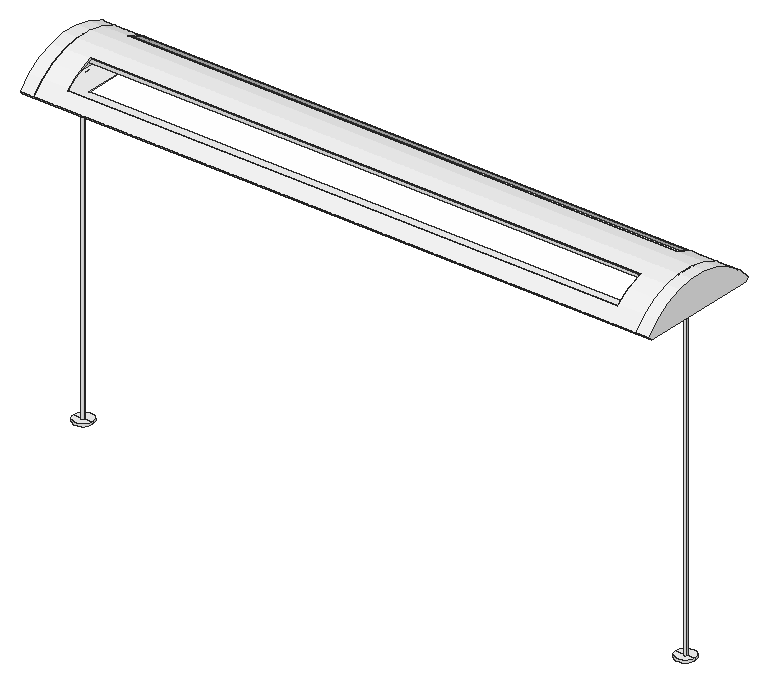
Revit family "LCV-CM", category Lighting Fixtures, host Face, Revit 2013
Parameters (values of type "LCV-35ML-S")
  Watts = 47 W
  Wattage = 47 W
  built-in parameter 1150110 = 1 (stored number, unit not read)
  Voltage = 120 V
  built-in parameter 1114217 = 1 (stored number, unit not read)
  Tilt Angle = -90.00°  # constant formula
  built-in parameter 1150109 = 1 (stored number, unit not read)
  built-in parameter 1150134 = (empty or 0)
  Suspension Height = 24"
  Wattage Comments = "27W to 61W"  # constant formula
  URL = "https://www.hubbell.com/aleralighting/en/"
  built-in parameter 1150113 = 1 (stored number, unit not read)
  Product Page URL = "https://www.hubbell.com/aleralighting/en/Products/Lighting-Controls/Commercial-Indoor-Lighting/Pendant-Lighting/LCV/p/19958"
  Product Documentation Link = "https://hubbellcdn.com/specsheet/lcv.pdf"
  Power Factor = 1
  Photometric Web Link = "https://www.hubbell.com/aleralighting/en/Products/Lighting-Controls/Commercial-Indoor-Lighting/Pendant-Lighting/LCV/p/19958"
  Photometric Web File = "LCV-35ML-S.IES"
  Photometric Notes = "More IES files download on Photometric Web Link"  # constant formula
  Model = "LCV"  # constant formula
  Manufacturer = "Alera Lighting"  # constant formula
  Row Length = 48"
  built-in parameter 1150105 = 415.16 (stored number, unit not read)
  Lumens = 5217 lm
  built-in parameter 1150115 = 1 (stored number, unit not read)
  Load Classification = Lighting
  built-in parameter 1150137 = (empty or 0)
  built-in parameter 1150139 = (empty or 0)
  built-in parameter 1150112 = 1 (stored number, unit not read)
  built-in parameter 1150114 = 1 (stored number, unit not read)
  Lamp = "LED"  # constant formula
  LED Lumen = "Medium Lumen"
  built-in parameter 1150132 = (empty or 0)
  built-in parameter 1150102 = (empty or 0)
  built-in parameter 1150107 = 3500 (stored number, unit not read)
  built-in parameter 1150138 = (empty or 0)
  built-in parameter 1150106 = 4.1516 (stored number, unit not read)
  Glass = Hubbell - White Glass
  Emit from Rectangle Width = 7"  # constant formula
  Emit from Rectangle Length = Row Length - 2"  # 46"
  Emit Shape Visible in Rendering = no
  built-in parameter 1150104 = 10.312 (stored number, unit not read)
  Dimming Lamp Color Temperature Shift = <None>
  Description = "A beautiful curved shape with low maintenance, high performance LED."  # constant formula
  Default Elevation = 48"
  Contact Us = "https://www.hubbell.com/aleralighting/en/contactUs"
  Color Filter = 16777215
  built-in parameter 1114218 = 1 (stored number, unit not read)
  Housing Material = Hubbell - White
  built-in parameter 1150133 = 10 (stored number, unit not read)
  Apparent Load = Watts / Power Factor  # 47 VA
Types (6): name | Watts | Wattage | built-in parameter 1150134 | Photometric Web File | built-in parameter 1150105 | Lumens | LED Lumen | built-in parameter 1150107 | built-in parameter 1150106 | built-in parameter 1150104 | Apparent Load
  (no name) | 47 W | 47 W | (empty or 0) | "LCV-35ML-S.IES" | 415.16 (stored number, unit not read) | 5217 lm | "Medium Lumen" | 3500 (stored number, unit not read) | 4.1516 (stored number, unit not read) | 10.312 (stored number, unit not read) | 47 VA
  LCV-35VL-SQP | 61 W | 61 W | (empty or 0) | "LCV-35VL-SQP.IES" | 597.07 (stored number, unit not read) | 7503 lm | "Very High Lumen" | 3500 (stored number, unit not read) | 5.9707 (stored number, unit not read) | 11.427 (stored number, unit not read) | 61 VA
  LCV-35LW-PERF | 38 W | 38 W | (empty or 0) | "LCV-35LW-PERF.IES" | 335.66 (stored number, unit not read) | 4218 lm | "Low Watt" | 3500 (stored number, unit not read) | 3.3566 (stored number, unit not read) | 10.312 (stored number, unit not read) | 38 VA
  LCV-35ML-S | 47 W | 47 W | (empty or 0) | "LCV-35ML-S.IES" | 415.16 (stored number, unit not read) | 5217 lm | "Medium Lumen" | 3500 (stored number, unit not read) | 4.1516 (stored number, unit not read) | 10.312 (stored number, unit not read) | 47 VA
  LCV-40VW-S | 27 W | 27 W | 12 | "LCV-40VW-S.IES" | 255.68 (stored number, unit not read) | 3213 lm | "Very Low Watt" | 4000 (stored number, unit not read) | 2.5568 (stored number, unit not read) | 11.055 (stored number, unit not read) | 27 VA
  LCV-35HL-PERF | 57 W | 54 W | (empty or 0) | "LCV-35HL-PERF.IES" | 494.18 (stored number, unit not read) | 6210 lm | "High Lumen" | 3500 (stored number, unit not read) | 4.9418 (stored number, unit not read) | 10.684 (stored number, unit not read) | 57 VA
Reference planes (in)
  plane 1 "Center (Front/Back)": y = 0.03999
  plane 2: z = 0
  plane 3 "Center (Left/Right)": x = 1.66944
  plane 4: x = -22.33056
  plane 5: x = 25.66944
  plane 6: z = 24
  plane 7: x = -21.33056
  plane 8: x = 24.66944
  plane 9: z = 24.5
Forms (in)
  Revolve 1, solid, material "Hubbell - White" <- "Housing Material"
    sketch origin (0, 0.03999, 0) x (1, 0, 0) y (0, 0, 1)
      loop
        line (-21.33056, 24) -> (-21.33056, 0) -> (-20.59744, 0) -> (-20.59744, 0.15062) -> (-21.20556, 0.15062) -> (-21.20556, 23.90062) -> (-20.98741, 23.90062) -> (-20.98741, 24) -> (-21.33056, 24)
      axis (-21.33056, 24) -> (-21.33056, 0)
    angle from 0 to 360
  Revolve 2, solid, material "Hubbell - White" <- "Housing Material"
    sketch origin (0, 0.03999, 0) x (1, 0, 0) y (0, 0, 1)
      loop
        line (24.66944, 24) -> (24.66944, 0) -> (25.40256, 0) -> (25.40256, 0.15062) -> (24.79444, 0.15062) -> (24.79444, 23.90062) -> (25.01259, 23.90062) -> (25.01259, 24) -> (24.66944, 24)
      axis (24.66944, 24) -> (24.66944, 0)
    angle from 0 to 360
Dimensions and locks (in)
  equal spacing: plane 5, plane 3 "Center (Left/Right)", plane 4
  "Suspension Height": plane 6 to level
  equal spacing: plane 8, plane 3 "Center (Left/Right)", plane 7
  locked: plane 7 to plane 4 at 1
  "Row Length": plane 5 to plane 4
  locked: plane 9 to plane 6 at 0.5
  aligned and locked: plane 2 to host face
  aligned and locked: level to host face
  aligned and locked: Revolve 1 sketch curve to plane 7
  aligned and locked: Revolve 1 sketch curve to plane 6
  aligned and locked: host face to Revolve 1 sketch curve
  aligned and locked: Revolve 1 sketch curve to Revolve 1 sketch curve
  aligned and locked: Revolve 2 sketch curve to Revolve 2 sketch curve
  aligned and locked: plane 8 to Revolve 2 sketch curve
  aligned and locked: plane 1 "Center (Front/Back)" to nested 1
  aligned and locked: plane 3 "Center (Left/Right)" to nested 1
  aligned and locked: plane 9 to imposter light
  aligned and locked: imposter light to plane 1 "Center (Front/Back)"
Automatic sketch dimensions
  host sketch curve to host sketch curve = 96"  (x2)
  Revolve 1 sketch curve to plane 6 = 0.09938"
  plane 7 to Revolve 1 sketch curve = 1/8"
  Revolve 1 sketch curve to Revolve 1 sketch curve = 0.21815"
  Revolve 1 sketch curve to Revolve 1 sketch curve = 0.60812"
  Revolve 1 sketch curve to level = 8"
  Revolve 1 sketch curve to Revolve 1 sketch curve = 0.15062"
  Revolve 1 sketch curve to Revolve 1 sketch curve = 2 1/2"
  Revolve 2 sketch curve to plane 6 = 0"
  Revolve 2 sketch curve to level = 0"
  Revolve 2 sketch curve to plane 6 = 0.09938"
  Revolve 2 sketch curve to plane 8 = 1/8"
  Revolve 2 sketch curve to Revolve 2 sketch curve = 0.21815"
  Revolve 2 sketch curve to plane 5 = 0.26688"
  Revolve 2 sketch curve to Revolve 2 sketch curve = 8"
  level to Revolve 2 sketch curve = 0.15062"
  Revolve 2 sketch curve to Revolve 2 sketch curve = 2 1/2"
Nested families (in)
  nested 1: "LCV-Housing" at (3.71711, 0, 24), Opal Lens <- "Glass", Backbox <- "Housing Material", type "LCV"
    with Opal Lens Hubbell - White Glass, Backbox Hubbell - White, Row Length 48"
Connectors (in)
  electrical at (-21.33056, 0.03999, 0), driven by "Load Classification", driven by "Voltage", driven by "Apparent Load", driven by "Power Factor"
    settings: on Revolve 1, index 1, voltage 120 V, apparent load 47 VA, apparent load phase1 0 VA, apparent load phase2 0 VA, apparent load phase3 0 VA, power factor 1, load classification "Lighting", number of poles 1, system type 30, power factor state 1, is connector primary yes, connector utility no, sub classification motor no, connector description "Lighting Connector"
Definition of nested family "LCV-Housing"
  Parameters (values of type "12'")
    Wattage Comments = ""
    URL = ""
    Row Length = 144"
    Model = ""
    Manufacturer = ""
    Lamp = ""
    Opal Lens [instance] = none
    Description = ""
    Default Elevation = 48"
    Backbox [instance] = none
  Types (3): name | Row Length
    4' | 48"
    8' | 96"
    12' | 144"
  Reference planes (in)
    plane 1 "Center (Front/Back)": y = 0.03999
    plane 2: z = 0
    plane 3 "Center (Left/Right)": x = -2.04767
    plane 4: x = -74.04767
    plane 5: x = 69.95233
    plane 6: x = -73.04767
    plane 7: x = 68.95233
    plane 8: y = 4.78999
    plane 9: y = -4.71001
    plane 10: z = 2.5
    plane 11: z = 2.425
    plane 12: x = -71.04767
    plane 13: x = 66.95233
  Forms (in)
    Extrusion 1, solid
      sketch origin (0, 0, 0.06357) x (1, 0, 0) y (0, 1, 0)
        loop
          line (-52.04767, 48) -> (-52.04767, -48) -> (47.95233, -48) -> (47.95233, 48) -> (-52.04767, 48)
      from -0.06357 to -6.06357
    Extrusion 2, solid, material <- "Backbox"
      sketch origin (-2.04767, 0, 0) x (0, 1, 0) y (0, 0, 1)
        loop
          line (4.53999, 0) -> (4.78999, 0.25)
          arc (4.78999, 0.25) -> (0.03999, 2.5) -> (-4.71001, 0.25) r 6.13889
          line (-4.71001, 0.25) -> (-4.46001, 0) -> (0.03999, 0) -> (4.53999, 0)
      from 71 to 72
    Extrusion 3, solid, material <- "Backbox"
      sketch origin (-2.04767, 0, 0) x (0, 1, 0) y (0, 0, 1)
        loop
          line (4.53999, 0) -> (4.78999, 0.25)
          arc (4.78999, 0.25) -> (0.03999, 2.5) -> (-4.71001, 0.25) r 6.13889
          line (-4.71001, 0.25) -> (-4.46001, 0) -> (4.53999, 0)
      from -72 to -71
    Extrusion 4, solid, material <- "Backbox"
      sketch origin (-2.04767, 0, 0) x (0, 1, 0) y (0, 0, 1)
        loop
          line (4.03999, 0) -> (4.28999, 0.25) -> (4.53999, 0) -> (4.78999, 0.25)
          arc (4.78999, 0.25) -> (0.03999, 2.5) -> (-4.71001, 0.25) r 6.13889
          line (-4.71001, 0.25) -> (-4.46001, 0) -> (-4.21001, 0.25) -> (-3.96001, 0) -> (4.03999, 0)
        loop
          arc (4.72145, 0.25328) -> (0.03999, 2.44922) -> (-4.64147, 0.25328) r 6.08811
          line (-4.64147, 0.25328) -> (-4.46001, 0.07182) -> (-4.21001, 0.32182) -> (-3.93897, 0.05078) -> (4.01896, 0.05078) -> (4.28999, 0.32182) -> (4.53999, 0.07182) -> (4.72145, 0.25328)
      from -71 to 71
    Extrusion 5, void
      sketch origin (-2.04767, 0, 0) x (0, 1, 0) y (0, 0, 1)
        loop
          line (-3.97709, 1.04445) -> (-3.90334, 0.95846)
          arc (-3.90334, 0.95846) -> (-2.85143, 1.68326) -> (-1.67089, 2.17131) r 6.05686
          line (-1.67089, 2.17131) -> (-1.70289, 2.27998)
          arc (-1.70289, 2.27998) -> (-2.9055, 1.7828) -> (-3.97709, 1.04445) r 6.17014
        loop
          arc (4.05708, 1.04445) -> (2.98549, 1.7828) -> (1.78287, 2.27998) r 6.17014
          line (1.78287, 2.27998) -> (1.75087, 2.17131)
          arc (1.75087, 2.17131) -> (2.93141, 1.68326) -> (3.98332, 0.95846) r 6.05686
          line (3.98332, 0.95846) -> (4.05708, 1.04445)
      from -69 to 69
    Extrusion 6, solid, material <- "Opal Lens"
      sketch origin (-2.04767, 0, 0) x (0, 1, 0) y (0, 0, 1)
        loop
          arc (4.03673, 1.02073) -> (2.97057, 1.75534) -> (1.77405, 2.25) r 6.13889
          line (1.77405, 2.25) -> (1.7597, 2.20129)
          arc (1.7597, 2.20129) -> (2.94633, 1.71072) -> (4.00367, 0.98218) r 6.08811
          line (4.00367, 0.98218) -> (4.03673, 1.02073)
        loop
          arc (-3.92369, 0.98218) -> (-2.86634, 1.71072) -> (-1.67972, 2.20129) r 6.08811
          line (-1.67972, 2.20129) -> (-1.69406, 2.25)
          arc (-1.69406, 2.25) -> (-2.89059, 1.75534) -> (-3.95675, 1.02073) r 6.13889
          line (-3.95675, 1.02073) -> (-3.92369, 0.98218)
      from -69 to 69
    Extrusion 7, solid, material <- "Backbox"
      sketch origin (-2.04767, 0, 0) x (0, 1, 0) y (0, 0, 1)
        loop
          line (-0.70947, 2.40291) -> (-0.70947, 1.18697) -> (0.78946, 1.18697) -> (0.78946, 2.40291)
          arc (0.78946, 2.40291) -> (0.03999, 2.44922) -> (-0.70947, 2.40291) r 6.08811
      from -71 to 71
    Extrusion 8, void
      sketch origin (0, 0, 0) x (1, 0, 0) y (0, 1, 0)
        loop
          line (-71.04767, 2.03999) -> (-71.04767, -1.96001) -> (66.95233, -1.96001) -> (66.95233, 2.03999) -> (-71.04767, 2.03999)
      from 0 to 0.71183
  Cuts and joins
    Extrusion 5 cuts Extrusion 2
    Extrusion 5 cuts Extrusion 3
    Extrusion 5, Extrusion 8 cuts Extrusion 4
    joined: Extrusion 2, Extrusion 3, Extrusion 4
  Dimensions and locks (in)
    equal spacing: plane 5, plane 3 "Center (Left/Right)", plane 4
    plane 6 to plane 4 = 1"
    equal spacing: plane 8, plane 1 "Center (Front/Back)", plane 9
    locked: plane 8 to plane 9 at 9.5
    locked: plane 10 to Extrusion 1 at 2.5
    "Row Length": plane 5 to plane 4
    locked: plane 10 to plane 11 at 0.075
    equal spacing: plane 7, plane 3 "Center (Left/Right)", plane 6
    locked: plane 6 to plane 12 at 2
    Extrusion 1 sketch curve to plane 3 "Center (Left/Right)" to Extrusion 1 sketch curve = 50", 50"
    locked: Extrusion 4 sketch curve to Extrusion 4 sketch curve at 0.38383  (x2)
    locked: plane 13 to plane 7 at 2
    locked: Extrusion 7 sketch curve to Extrusion 7 sketch curve at 1.49893
    equal spacing: Extrusion 8 sketch curve, plane 1 "Center (Front/Back)", Extrusion 8 sketch curve, locked at 2 each
    aligned and locked: plane 2 to Extrusion 1
    aligned and locked: level to Extrusion 1
    aligned and locked: plane 5 to Extrusion 2
    aligned and locked: Extrusion 2 to plane 7
    aligned and locked: Extrusion 3 to plane 4
    aligned and locked: plane 6 to Extrusion 3
    aligned and locked: Extrusion 4 to plane 6
    aligned and locked: plane 7 to Extrusion 4
    aligned and locked: Extrusion 1 to Extrusion 4 sketch curve
    aligned and locked: cut or joined group of Extrusion 2, Extrusion 3, Extrusion 4, Extrusion 5, Extrusion 8 to plane 12
    aligned and locked: plane 13 to cut or joined group of Extrusion 2, Extrusion 3, Extrusion 4, Extrusion 5, Extrusion 8
    aligned and locked: Extrusion 6 sketch curve to cut or joined group of Extrusion 2, Extrusion 3, Extrusion 4, Extrusion 5, Extrusion 8  (x4)
    aligned and locked: Extrusion 6 to plane 12
    aligned and locked: plane 13 to Extrusion 6
    aligned and locked: Extrusion 1 to Extrusion 2 sketch curve
    aligned and locked: Extrusion 3 sketch curve to Extrusion 1
    aligned and locked: Extrusion 7 sketch curve to cut or joined group of Extrusion 2, Extrusion 3, Extrusion 4, Extrusion 5, Extrusion 8
    aligned and locked: plane 6 to cut or joined group of Extrusion 2, Extrusion 3, Extrusion 4, Extrusion 5, Extrusion 8
    aligned and locked: cut or joined group of Extrusion 2, Extrusion 3, Extrusion 4, Extrusion 5, Extrusion 8 to plane 7
    aligned and locked: plane 7 to Extrusion 7
    aligned and locked: Extrusion 7 to plane 6
    aligned and locked: Extrusion 8 sketch curve to plane 13
    aligned and locked: plane 12 to Extrusion 8 sketch curve
  Automatic sketch dimensions
    Extrusion 1 sketch curve to Extrusion 1 sketch curve = 96"
    Extrusion 2 sketch curve to plane 1 "Center (Front/Back)" = 0"  (x2)
    Extrusion 2 sketch curve to plane 9 = 1/4"
    plane 8 to Extrusion 2 sketch curve = 1/4"
    Extrusion 4 sketch curve to plane 9 = 0"
    Extrusion 4 sketch curve to level = 0"  (x2)
    Extrusion 4 sketch curve to plane 1 "Center (Front/Back)" = 0"
    Extrusion 4 sketch curve to plane 8 = 0"
    Extrusion 4 sketch curve to Extrusion 4 sketch curve = 1/4"
    Extrusion 4 sketch curve to Extrusion 4 sketch curve = 0"  (x6)
    Extrusion 4 sketch curve to Extrusion 4 sketch curve = 0.00328"  (x2)
    level to Extrusion 4 sketch curve = 0.32182"
    Extrusion 4 sketch curve to Extrusion 4 sketch curve = 0.02103"  (x2)
    level to Extrusion 4 sketch curve = 0.07182"
    Extrusion 4 sketch curve to Extrusion 4 sketch curve = 0.06854"
    level to Extrusion 4 sketch curve = 13/256"
    Extrusion 4 sketch curve to Extrusion 4 sketch curve = 0.18146"
    Extrusion 4 sketch curve to Extrusion 4 sketch curve = 0.52103"
    Extrusion 5 sketch curve to plane 9 = 0.73291"
    Extrusion 5 sketch curve to Extrusion 5 sketch curve = 0.032"  (x2)
    Extrusion 5 sketch curve to Extrusion 5 sketch curve = 0.07375"  (x2)
    level to Extrusion 5 sketch curve = 1.04445"  (x2)
    Extrusion 5 sketch curve to Extrusion 5 sketch curve = 0"  (x12)
    Extrusion 5 sketch curve to Extrusion 5 sketch curve = 0.08598"  (x2)
    Extrusion 5 sketch curve to plane 1 "Center (Front/Back)" = 0"
    plane 1 "Center (Front/Back)" to Extrusion 5 sketch curve = 1.74288"
    Extrusion 5 sketch curve to plane 1 "Center (Front/Back)" = 1.71088"
    plane 8 to Extrusion 5 sketch curve = 0.80667"
    Extrusion 6 sketch curve to Extrusion 6 sketch curve = 0"  (x12)
    Extrusion 6 sketch curve to plane 1 "Center (Front/Back)" = 0"
    plane 8 to Extrusion 6 sketch curve = 0.75326"
    Extrusion 6 sketch curve to Extrusion 6 sketch curve = 0.03306"  (x2)
    plane 9 to Extrusion 2 sketch curve = 0"
    Extrusion 2 sketch curve to plane 8 = 0"
    Extrusion 2 sketch curve to level = 3.63889"
    level to Extrusion 2 sketch curve = 1/4"
    Extrusion 3 sketch curve to plane 9 = 0"
    Extrusion 3 sketch curve to plane 1 "Center (Front/Back)" = 0"
    Extrusion 3 sketch curve to plane 8 = 0"
    Extrusion 3 sketch curve to plane 9 = 1/4"
    plane 8 to Extrusion 3 sketch curve = 1/4"
    Extrusion 3 sketch curve to level = 3.63889"
    level to Extrusion 3 sketch curve = 1/4"
    Extrusion 5 sketch curve to level = 3.63889"
    Extrusion 6 sketch curve to plane 11 = 0.22371"
    level to Extrusion 6 sketch curve = 0.98218"
    plane 1 "Center (Front/Back)" to Extrusion 8 sketch curve = 2"
    plane 1 "Center (Front/Back)" to Extrusion 7 sketch curve = 0.74946"
    level to Extrusion 7 sketch curve = 1.18697"
